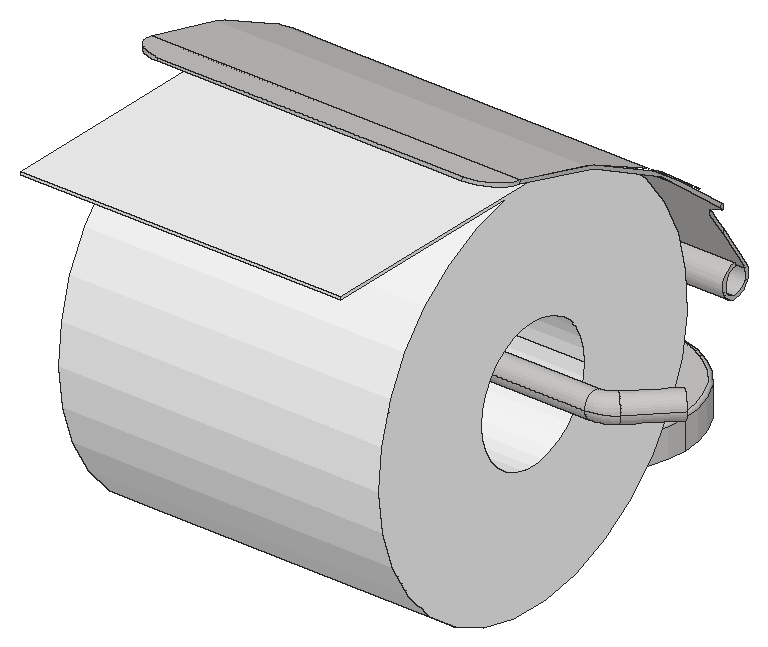
Revit family "PRD_FrankeWS_TltRllHldrs_FIRMUSToiletRollHolder_FIRX111HP", category Specialty Equipment, host Face, Revit 2018
Family settings
  Host = Face
  Round Connector Dimension = Use Diameter
  Part Type = Normal
  OmniClass Number = 23.40.20.21.21
  OmniClass Title = Toilet Paper Dispensers
  Cut with Voids When Loaded = No
  Shared = No
  Room Calculation Point = No
Parameters (values of type "FIRX111HP")
  WarrantyStartDate [instance] = "1900-12-31T23:59:59"
  WarrantyGuarantorParts = "n/a"
  WarrantyGuarantorLabor = "n/a"
  WarrantyDurationUnit = "year"
  WarrantyDurationParts = "n/a"
  WarrantyDurationLabor = "n/a"
  WarrantyDescription = "n/a"
  Version = "1"
  Uniclass2015Version = "Products v1.17"
  Uniclass2015Title = "Toilet roll holders"
  Uniclass2015Code = "Pr_40_20_76_88"
  URL = "www.kwc.com"
  TypeOfMounting = "Wall mounting"
  TypeOfFixing = "Screw"
  ToiletRollMaterial = PRD_AR_ToiletRoll
  TagNumber [instance] = "n/a"
  SustainabilityPerformance = "n/a"
  Style = "Roll holder"
  Spindle = "No"
  Size = "140 x 162 x 65 mm"
  Shape = "n/a"
  SerialNumber [instance] = "n/a"
  Revision = "n/a"
  ReplacementCost = "n/a"
  ProductInformation = "https://pim.kwc.com/product/2000106289/attachment/datasheet?locale=en"
  NominalWidth = 140.00 mm
  NominalHeight = 162.00 mm
  NominalDepth = 65.00 mm
  NetWeight = 0.32 kg
  Name = "Toilet roll holder FIRX111HP"
  NBSTypeID = "n/a"
  NBSReference = "45-35-72/368"
  NBSOfficeMasterTag = "n/a"
  NBSNote = "n/a"
  NBSDescription = "Toilet roll holders"
  NBSCertification = "n/a"
  ModelReference = "FIRX111HP"
  ModelNumber = "2000106289"
  Model = ModelReference  # "FIRX111HP"
  MaterialCode = "1.4301"
  Material = "stainless steel"
  ManufacturerURL = "www.kwc.com"
  ManufacturerName = "KWC Group AG"  # constant formula
  Manufacturer = ManufacturerName  # "KWC Group AG"
  MainColor = "stainless steel"
  Lock = "No lock"
  IsBuiltIn = "TRUE"
  IntegralAccessories = "incl. stainless steel screws and dowels"
  InstallationDate [instance] = "1900-12-31T23:59:59"
  IfcExportType = "USERDEFINED"
  IfcExportAs = "IfcFurnitureType"
  HolderMaterial = PRD_AR_StainlessSteel_HighPolished
  GrossWeight = 0.44 kg
  Grade = "n/a"
  Finish = "high polished"
  FillingQuantity = "1"
  Features = "stainless steel, surface high polished"
  ExpectedLife = "n/a"
  DurationUnit = "year"
  Description = "Toilet roll holder for wall mounting, 304 stainless steel, for 1 roll with max. diameter 130 mm, stainless steel folding cover, round covers with drilled hole on bottom for fixation, inclusive stainless steel screws and dowels."
  Default Elevation = 600.00 mm
  CreateOn = "05/2020"  # constant formula
  Constituents = "n/a"
  Color = "n/a"
  CodePerformance = "n/a"
  Category = "Pr_40_20_76_88, Toilet roll holders"
  BarCode [instance] = "n/a"
  BIMObjectName = "PRD_AR_ToiletRollHolders_FIRMUSToiletRollHolder_FIRX111HP"
  Author = "Archispace"  # constant formula
  AssetType = "Fixed"
  AssetIdentifier [instance] = "n/a"
  AccessibilityPerformance = "n/a"
Reference planes
  plane 1 "Center (Front/Back)": y = 0
  plane 2: z = 0
  plane 3 "Center (Left/Right)": x = 0
  plane 4: through (0, -99.134, 128.738) normal (0, 0.1788, 0.9839)
Forms (mm)
  Extrusion 1, solid, material "PRD_AR_StainlessSteel_HighPolished" <- "HolderMaterial", detail levels fine
    sketch origin (270, 0, 0) x (1, 0, 0) y (0, 1, 0)
      loop
        circle (-270, 0) r 30
    from 0 to 10
  Sweep 2, solid, material "PRD_AR_StainlessSteel_HighPolished" <- "HolderMaterial", detail levels fine
    path origin (270, 0, 0) x (1, 0, 0) y (0, 0, 1)
      loop
        line (-270, 10) -> (-270, 65)
    profile origin (0, 0, 37.5) x (-1, 0, 0) y (0, -1, 0)
      loop
        circle (0, 0) r 9.5
  Extrusion 3, solid, material "PRD_AR_StainlessSteel_HighPolished" <- "HolderMaterial", detail levels medium
    sketch origin (270, 0, 0) x (1, 0, 0) y (0, 1, 0)
      loop
        circle (-270, 0) r 30
    from 0 to 10
  Sweep 4, void
    path in 3D
      loop
        arc (30, 0, 10) -> (0, -30, 10) -> (-30, 0, 10) r 30
        arc (-30, 0, 10) -> (0, 30, 10) -> (30, 0, 10) r 30
    profile origin (0, 30, 10) x (0, 1, 0) y (0, 0, 1)
      loop
        line (0, 0) -> (-1, 0)
        arc (-1, 0) -> (-0.293, -0.293) -> (0, -1) r 1
        line (0, -1) -> (0, 0)
  Sweep 5, void
    path in 3D
      loop
        arc (9.5, 0, 65) -> (0, -9.5, 65) -> (-9.5, 0, 65) r 9.5
        arc (-9.5, 0, 65) -> (0, 9.5, 65) -> (9.5, 0, 65) r 9.5
    profile origin (0, 9.5, 65) x (0, 1, 0) y (0, 0, 1)
      loop
        line (0, 0) -> (-1, 0)
        arc (-1, 0) -> (-0.293, -0.293) -> (0, -1) r 1
        line (0, -1) -> (0, 0)
  Sweep 6, solid, material "PRD_AR_StainlessSteel_HighPolished" <- "HolderMaterial", detail levels medium
    path origin (270, 0, 0) x (1, 0, 0) y (0, 0, 1)
      loop
        line (-270, 10) -> (-270, 65)
    profile origin (0, 0, 37.5) x (-1, 0, 0) y (0, -1, 0)
      loop
        circle (0, 0) r 9.5
  Sweep 7, solid, material "PRD_AR_StainlessSteel_HighPolished" <- "HolderMaterial", detail levels fine
    path origin (0, 0, 0) x (1, 0, 0) y (0, 1, 0)
      loop
        line (22.5, 0) -> (-52, 0)
        arc (-52, 0) -> (-57.657, -2.343) -> (-60, -8) r 8
        line (-60, -8) -> (-60, -61.5)
        arc (-60, -61.5) -> (-57.657, -67.157) -> (-52, -69.5) r 8
        line (-52, -69.5) -> (57.186, -69.5)
        arc (57.186, -69.5) -> (60.248, -68.891) -> (62.843, -67.157) r 8
        line (62.843, -67.157) -> (74.289, -55.711)
    profile origin (-14.75, 0, 0) x (0, -1, 0) y (0, 0, 1)
      loop
        circle (0, 53) r 4
  Revolve 8, solid, material "PRD_AR_StainlessSteel_HighPolished" <- "HolderMaterial", detail levels fine
    sketch origin (0, 0, 53) x (1, 0, 0) y (0, 1, 0)
      loop
        line (-35.5, 4) -> (-35.5, 4.804) -> (-45.5, 4.804) -> (-45.5, 5.604) -> (-46.5, 5.604) -> (-46.5, 4) -> (-35.5, 4)
      loop
        line (-22.5, 4) -> (-11.5, 4) -> (-11.5, 5.604) -> (-12.5, 5.604) -> (-12.5, 4.804) -> (-22.5, 4.804) -> (-22.5, 4)
      loop
        line (22.5, 4) -> (22.5, 4.804) -> (12.5, 4.804) -> (12.5, 5.604) -> (11.5, 5.604) -> (11.5, 4) -> (22.5, 4)
      axis (-46.5, 0) -> (22.5, 0)
    angle from 0 to 360
  Extrusion 9, solid, material "PRD_AR_StainlessSteel_HighPolished" <- "HolderMaterial", detail levels fine
    sketch origin (0, 0, 0) x (0, 1, 0) y (0, 0, 1)
      loop
        arc (-99.312, 127.754) -> (-39.852, 102.762) -> (3.474, 54.982) r 149
        arc (3.474, 54.982) -> (3.284, 50.716) -> (-0.649, 49.053) r 4
        arc (-0.649, 49.053) -> (-3.994, 53.214) -> (-0.223, 56.994) r 4
        line (-0.223, 56.994) -> (-0.279, 57.992)
        arc (-0.279, 57.992) -> (-4.993, 53.268) -> (-0.812, 48.066) r 5
        arc (-0.812, 48.066) -> (4.105, 50.145) -> (4.343, 55.477) r 5
        arc (4.343, 55.477) -> (-39.275, 103.578) -> (-99.134, 128.738) r 150
        line (-99.134, 128.738) -> (-108.973, 130.526) -> (-109.151, 129.542) -> (-99.312, 127.754)
    from -57.5 to 57.5
  Extrusion 10, void
    sketch origin (0, 0, 0) x (1, 0, 0) y (0, 1, 0)
      loop
        line (-45.5, 7.588) -> (-59.5, 7.588) -> (-59.5, -20.594) -> (-57.5, -20.594)
        arc (-57.5, -20.594) -> (-57.079, -19.367) -> (-55.994, -18.656) r 2
        arc (-55.994, -18.656) -> (-48.432, -13.701) -> (-45.5, -5.148) r 13.94
        line (-45.5, -5.148) -> (-45.5, 7.588)
      loop
        line (45.5, 7.588) -> (45.5, -5.148)
        arc (45.5, -5.148) -> (48.432, -13.701) -> (55.994, -18.656) r 13.94
        arc (55.994, -18.656) -> (57.079, -19.367) -> (57.5, -20.594) r 2
        line (57.5, -20.594) -> (59.5, -20.594) -> (59.5, 7.588) -> (45.5, 7.588)
      loop
        line (-12.5, 5.604) -> (-12.5, 2.228)
        spline (-12.5, 2.228) -> (-12.074, -0.03) -> (-10.825, -2.134) -> (-8.839, -3.941) -> (-6.25, -5.327) -> (-3.235, -6.198) -> (0, -6.495) -> (3.235, -6.198) -> (6.25, -5.327) -> (8.839, -3.941) -> (10.825, -2.134) -> (12.074, -0.03) -> (12.5, 2.228)
        line (12.5, 2.228) -> (12.5, 5.604) -> (-12.5, 5.604)
    from 43.525 to 95.585
  Extrusion 11, void
    sketch origin (0, -99.134, 128.738) x (0, 0.983891, -0.178771) y (-1, 0, 0)
      loop
        line (-10, 57.5) -> (-10, 47.5)
        arc (-10, 47.5) -> (-7.071, 54.571) -> (0, 57.5) r 10
        line (0, 57.5) -> (-10, 57.5)
      loop
        line (-10, -57.5) -> (0, -57.5)
        arc (0, -57.5) -> (-7.071, -54.571) -> (-10, -47.5) r 10
        line (-10, -47.5) -> (-10, -57.5)
    from -3.872 to 2.197
  Extrusion 12, solid, material "PRD_AR_ToiletRoll" <- "ToiletRollMaterial", detail levels fine
    sketch origin (0, 0, 0) x (0, 1, 0) y (0, 0, 1)
      loop
        circle (-84.665, 60) r 20.25
      loop
        line (-84.665, 120) -> (-159.665, 120) -> (-159.665, 119.2) -> (-94.43, 119.2)
        arc (-94.43, 119.2) -> (-79.766, 0.2) -> (-84.665, 120) r 60
    from -50 to 50
  Extrusion 13, solid, material "PRD_AR_StainlessSteel_HighPolished" <- "HolderMaterial", detail levels coarse
    sketch origin (0, 0, 0) x (0, 1, 0) y (0, 0, 1)
      loop
        line (30, 0) -> (30, 65) -> (-1.571, 65)
        arc (-1.571, 65) -> (-43.909, 106.731) -> (-99.134, 128.738) r 150
        line (-99.134, 128.738) -> (-144.665, 137.011) -> (-144.665, 0) -> (30, 0)
    from -64 to 77.5
  Sweep 14, solid, material "PRD_AR_StainlessSteel_HighPolished" <- "HolderMaterial", detail levels fine
    path origin (0, 0, 0) x (1, 0, 0) y (0, 1, 0)
      loop
        line (22.5, 0) -> (-52, 0)
        arc (-52, 0) -> (-57.657, -2.343) -> (-60, -8) r 8
        line (-60, -8) -> (-60, -61.5)
        arc (-60, -61.5) -> (-57.657, -67.157) -> (-52, -69.5) r 8
        line (-52, -69.5) -> (57.186, -69.5)
        arc (57.186, -69.5) -> (60.248, -68.891) -> (62.843, -67.157) r 8
        line (62.843, -67.157) -> (74.289, -55.711)
    profile origin (-14.75, 0, 0) x (0, -1, 0) y (0, 0, 1)
      loop
        circle (0, 53) r 4
  Extrusion 15, solid, material "PRD_AR_StainlessSteel_HighPolished" <- "HolderMaterial", detail levels medium
    sketch origin (0, 0, 0) x (0, 1, 0) y (0, 0, 1)
      loop
        arc (-99.312, 127.754) -> (-41.098, 103.634) -> (1.941, 57.608) r 149
        arc (1.941, 57.608) -> (-4.804, 54.386) -> (-0.812, 48.066) r 5
        arc (-0.812, 48.066) -> (4.105, 50.145) -> (4.343, 55.477) r 5
        arc (4.343, 55.477) -> (-39.275, 103.578) -> (-99.134, 128.738) r 150
        line (-99.134, 128.738) -> (-108.973, 130.526) -> (-109.151, 129.542) -> (-99.312, 127.754)
    from -57.5 to 57.5
  Extrusion 16, solid, material "PRD_AR_ToiletRoll" <- "ToiletRollMaterial", detail levels medium
    sketch origin (0, 0, 0) x (0, 1, 0) y (0, 0, 1)
      loop
        circle (-84.665, 60) r 60
    from -50 to 50
Cuts and joins
  Sweep 4 cuts Extrusion 1
  Sweep 5 cuts Sweep 2
  joined: Sweep 2, Revolve 8, Sweep 14
  Extrusion 10, Extrusion 11 cuts Extrusion 9
  joined: Sweep 6, Extrusion 15
Lines and regions (mm)
  sketch lines
    curve 1: arc (-30, 0, 10) -> (0, 30, 10) -> (30, 0, 10) r 30
    curve 2: arc (30, 0, 10) -> (0, -30, 10) -> (-30, 0, 10) r 30
    curve 3: arc (-9.5, 0, 65) -> (0, 9.5, 65) -> (9.5, 0, 65) r 9.5
    curve 4: arc (9.5, 0, 65) -> (0, -9.5, 65) -> (-9.5, 0, 65) r 9.5
Dimensions and locks
  aligned and locked: plane 2 to host face
  aligned and locked: level to host face
